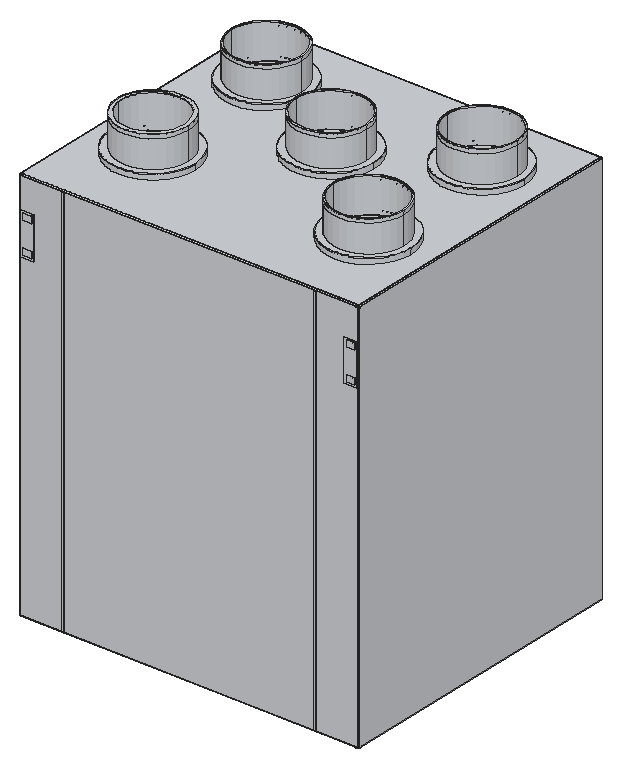
Revit family "Flexit Nordic S 3 R E 500 R 230", category Mechanical Equipment, Revit 2018
Family settings
  Round Connector Dimension = Use Radius
  Part Type = Normal
  Work Plane-Based = No
  Always vertical = Yes
  Cut with Voids When Loaded = No
  Shared = No
  Room Calculation Point = No
Parameters
  magiProductId = "Flexit Nordic S 3 R E 500 R 230"
  magiPartTypeId = 210
  magiFamilyGeom = MagiCAD_Flexit Nordic S 3 R E 500 R 230 : MagiCAD_Flexit Nordic S 3 R E 500 R 230
  Ytelse  SFP-sum vinter [instance] = "1.40 kJ/m³"
  Weight = 0.00 kg
  Vifte, tilluft  Vinter  Vifteinstilling [instance] = "71 %"
  Vifte, avtrekksluft  Vinter  Vifteinstilling [instance] = "71 %"
  VersionID = "1.0/2020.0"
  Varmegjenvinning  Vinter  Komponentvirkningsgrad, tilluft (EN308) [instance] = "78 %"
  Varmegjenvinning  Vinter  Aggregatvirkningsgrad, tilluft (EN13141-7) [instance] = "75 %"
  Uteluft [instance] = "125 mm"
  Tilluftskanal, vinter [instance] = "44 50 56 58 53 53 42 33 dB(A)"
  Tilluft  Trykkfall vinter [instance] = 80.0 Pa
  Tilluft  Luftmengde vinter [instance] = "0.075 m³/s"
  Tilluft [instance] = "125 mm"
  Supply 1 Sound power level [instance] = "70 66 65 61 53 52 41 34 dB"
  Supply 1 Pressure drop min [instance] = 72.0 Pa
  Supply 1 Pressure drop max [instance] = 88.0 Pa
  Supply 1 Pressure drop [instance] = 80.0 Pa
  Supply 1 Airflow operation point min [instance] = 71.25 L/s
  Supply 1 Airflow operation point max [instance] = 78.75 L/s
  Supply 1 Airflow min [instance] = 22.2 L/s
  Supply 1 Airflow max [instance] = 97.2 L/s
  Supply 1 Airflow [instance] = 75.0 L/s
  Resultater  Vekt [instance] = "55 kg"
  Productdata [instance] = "© MagiCAD Group, all rights reserved"
  Pressure rise, supply [instance] = 80.0 Pa
  Pressure rise, extract [instance] = 80.0 Pa
  Outdoor 1 Sound power level [instance] = "70 66 65 61 53 52 41 34 dB"
  Outdoor 1 Pressure drop min [instance] = 0.0 Pa
  Outdoor 1 Pressure drop max [instance] = 0.0 Pa
  Outdoor 1 Pressure drop [instance] = 0.0 Pa
  Outdoor 1 Airflow operation point min [instance] = 71.25 L/s
  Outdoor 1 Airflow operation point max [instance] = 78.75 L/s
  Outdoor 1 Airflow min [instance] = 22.2 L/s
  Outdoor 1 Airflow max [instance] = 97.2 L/s
  Outdoor 1 Airflow [instance] = 75.0 L/s
  Omgivelse, vinter [instance] = "25 33 37 34 29 31 27 27 dB(A)"
  Kjøkkenkanal [instance] = "125 mm"
  Generelt  Informasjon [instance] = ""
  Generelt  Beskrivelse / Plassering [instance] = ""
  Extract 9 Sound power level [instance] = "66 60 58 44 38 34 27 26 dB"
  Extract 9 Pressure drop min [instance] = 0.0 Pa
  Extract 9 Pressure drop max [instance] = 0.0 Pa
  Extract 9 Pressure drop [instance] = 0.0 Pa
  Extract 9 Airflow operation point min [instance] = 71.25 L/s
  Extract 9 Airflow operation point max [instance] = 78.75 L/s
  Extract 9 Airflow min [instance] = 22.2 L/s
  Extract 9 Airflow max [instance] = 97.2 L/s
  Extract 9 Airflow [instance] = 75.0 L/s
  Extract 1 Sound power level [instance] = "66 60 58 44 38 34 27 26 dB"
  Extract 1 Pressure drop min [instance] = 72.0 Pa
  Extract 1 Pressure drop max [instance] = 88.0 Pa
  Extract 1 Pressure drop [instance] = 80.0 Pa
  Extract 1 Airflow operation point min [instance] = 71.25 L/s
  Extract 1 Airflow operation point max [instance] = 78.75 L/s
  Extract 1 Airflow min [instance] = 22.2 L/s
  Extract 1 Airflow max [instance] = 97.2 L/s
  Extract 1 Airflow [instance] = 75.0 L/s
  Exhaust 1 Sound power level [instance] = "66 60 58 44 38 34 27 26 dB"
  Exhaust 1 Pressure drop min [instance] = 0.0 Pa
  Exhaust 1 Pressure drop max [instance] = 0.0 Pa
  Exhaust 1 Pressure drop [instance] = 0.0 Pa
  Exhaust 1 Airflow operation point min [instance] = 71.25 L/s
  Exhaust 1 Airflow operation point max [instance] = 78.75 L/s
  Exhaust 1 Airflow min [instance] = 22.2 L/s
  Exhaust 1 Airflow max [instance] = 97.2 L/s
  Exhaust 1 Airflow [instance] = 75.0 L/s
  Dimensjoner [instance] = "599.4x536.5x765 mm"
  Avtrekkskanal, vinter [instance] = "40 44 49 41 38 36 28 25 dB(A)"
  Avtrekk  Trykkfall vinter [instance] = 80.0 Pa
  Avtrekk  Luftmengde vinter [instance] = "0.075 m³/s"
  Avtrekk [instance] = "125 mm"
  Avkast [instance] = "125 mm"
Reference planes
  plane 1 "Center (Front/Back)": y = 0
  plane 2: z = 0
  plane 3 "Center (Left/Right)": x = 0
Forms (mm)
  Extrusion 1, solid, not visible
    sketch origin (109.7, 157.8, 765) x (1, 0, 0) y (0, 1, 0)
      loop
        line (15.24, 15.24) -> (-15.24, 15.24) -> (-15.24, -15.24) -> (15.24, -15.24) -> (15.24, 15.24)
    from 0 to -30.48
  Extrusion 2, solid, not visible
    sketch origin (489.7, 157.8, 765) x (1, 0, 0) y (0, 1, 0)
      loop
        line (15.24, 15.24) -> (-15.24, 15.24) -> (-15.24, -15.24) -> (15.24, -15.24) -> (15.24, 15.24)
    from 0 to -30.48
  Extrusion 3, solid, not visible
    sketch origin (109.7, 407.8, 765) x (1, 0, 0) y (0, 1, 0)
      loop
        line (15.24, 15.24) -> (-15.24, 15.24) -> (-15.24, -15.24) -> (15.24, -15.24) -> (15.24, 15.24)
    from 0 to -30.48
  Extrusion 4, solid, not visible
    sketch origin (299.7, 312.8, 765) x (1, 0, 0) y (0, 1, 0)
      loop
        line (15.24, 15.24) -> (-15.24, 15.24) -> (-15.24, -15.24) -> (15.24, -15.24) -> (15.24, 15.24)
    from 0 to -30.48
  Extrusion 5, solid, not visible
    sketch origin (489.7, 407.8, 765) x (1, 0, 0) y (0, 1, 0)
      loop
        line (15.24, 15.24) -> (-15.24, 15.24) -> (-15.24, -15.24) -> (15.24, -15.24) -> (15.24, 15.24)
    from 0 to -30.48
Text (mm)
  text "© MagiCAD Group, all rights reserved" at (-487.68, -1524, 0), in view "Ref. Level"
Nested families
  nested 1: "MagiCAD_Flexit Nordic S 3 R E 500 R 230" at (0, 0, 0), type <- "magiFamilyGeom", type "MagiCAD_Flexit Nordic S 3 R E 500 R 230"
Connectors
  hvac at (109.7, 157.8, 765)
    settings: on Extrusion 1, index 1, duct flow 0.0 L/s, flow factor 0, pres drop 0.0 Pa, loss coef 0, conn angle 0.00°, conn width 304.8 mm, conn height 304.8 mm, conn diameter 125 mm, duct sys type 1, conn prof type 0, flow config 0, flow direction 2, loss method 0, conn ref index -1, conn util no, is conn primary yes, conn desc "Supply 1"
  hvac at (489.7, 157.8, 765)
    settings: on Extrusion 2, index 2, duct flow 0.0 L/s, flow factor 0, pres drop 0.0 Pa, loss coef 0, conn angle 0.00°, conn width 304.8 mm, conn height 304.8 mm, conn diameter 125 mm, duct sys type 1, conn prof type 0, flow config 0, flow direction 1, loss method 0, conn ref index -1, conn util no, is conn primary no, conn desc "Outdoor 1"
  hvac at (109.7, 407.8, 765)
    settings: on Extrusion 3, index 3, duct flow 0.0 L/s, flow factor 0, pres drop 0.0 Pa, loss coef 0, conn angle 0.00°, conn width 304.8 mm, conn height 304.8 mm, conn diameter 125 mm, duct sys type 2, conn prof type 0, flow config 0, flow direction 1, loss method 0, conn ref index -1, conn util no, is conn primary no, conn desc "Extract 1"
  hvac at (299.7, 312.8, 765)
    settings: on Extrusion 4, index 4, duct flow 0.0 L/s, flow factor 0, pres drop 0.0 Pa, loss coef 0, conn angle 0.00°, conn width 304.8 mm, conn height 304.8 mm, conn diameter 125 mm, duct sys type 2, conn prof type 0, flow config 0, flow direction 1, loss method 0, conn ref index -1, conn util no, is conn primary no, conn desc "Extract 9"
  hvac at (489.7, 407.8, 765)
    settings: on Extrusion 5, index 5, duct flow 0.0 L/s, flow factor 0, pres drop 0.0 Pa, loss coef 0, conn angle 0.00°, conn width 304.8 mm, conn height 304.8 mm, conn diameter 125 mm, duct sys type 3, conn prof type 0, flow config 0, flow direction 2, loss method 0, conn ref index -1, conn util no, is conn primary no, conn desc "Exhaust 1"
Definition of nested family "MagiCAD_Flexit Nordic S 3 R E 500 R 230"
  Reference planes
    plane 1 "Center (Front/Back)": y = 0
    plane 2: z = 0
    plane 3 "Center (Left/Right)": x = 0
  Forms (mm)
    Extrusion 1, solid
      sketch origin (489.7, 407.8, 700) x (1, 0, 0) y (0, 1, 0)
        loop
          circle (0, 0) r 62.4
      from 0 to 2
    Extrusion 2, void
      sketch origin (489.7, 407.8, 700) x (1, 0, 0) y (0, 1, 0)
        loop
          circle (0, 0) r 62.2
      from 0.2 to 2
    Extrusion 3, solid
      sketch origin (489.7, 407.8, 700) x (1, 0, 0) y (0, 1, 0)
        loop
          circle (0, 0) r 62.5
      from 0 to 65
    Extrusion 4, void
      sketch origin (489.7, 407.8, 700) x (1, 0, 0) y (0, 1, 0)
        loop
          circle (0, 0) r 62.3
      from 0 to 65
    Extrusion 5, solid
      sketch origin (489.7, 407.8, 700) x (1, 0, 0) y (0, 1, 0)
        loop
          circle (0, 0) r 75
      from 0 to 10
    Extrusion 6, void
      sketch origin (489.7, 407.8, 700) x (1, 0, 0) y (0, 1, 0)
        loop
          circle (0, 0) r 74.8
      from 0 to 10
    Extrusion 7, solid
      sketch origin (489.7, 407.8, 758.5) x (1, 0, 0) y (0, 1, 0)
        loop
          circle (0, 0) r 62.55
      from 0 to 6.5
    Extrusion 8, void
      sketch origin (489.7, 407.8, 758.5) x (1, 0, 0) y (0, 1, 0)
        loop
          circle (0, 0) r 62.35
      from 0 to 6.5
    Extrusion 9, solid
      sketch origin (109.7, 407.8, 700) x (1, 0, 0) y (0, 1, 0)
        loop
          circle (0, 0) r 62.4
      from 0 to 2
    Extrusion 10, void
      sketch origin (109.7, 407.8, 700) x (1, 0, 0) y (0, 1, 0)
        loop
          circle (0, 0) r 62.2
      from 0.2 to 2
    Extrusion 11, solid
      sketch origin (109.7, 407.8, 700) x (1, 0, 0) y (0, 1, 0)
        loop
          circle (0, 0) r 62.5
      from 0 to 65
    Extrusion 12, void
      sketch origin (109.7, 407.8, 700) x (1, 0, 0) y (0, 1, 0)
        loop
          circle (0, 0) r 62.3
      from 0 to 65
    Extrusion 13, solid
      sketch origin (109.7, 407.8, 700) x (1, 0, 0) y (0, 1, 0)
        loop
          circle (0, 0) r 75
      from 0 to 10
    Extrusion 14, void
      sketch origin (109.7, 407.8, 700) x (1, 0, 0) y (0, 1, 0)
        loop
          circle (0, 0) r 74.8
      from 0 to 10
    Extrusion 15, solid
      sketch origin (109.7, 407.8, 758.5) x (1, 0, 0) y (0, 1, 0)
        loop
          circle (0, 0) r 62.55
      from 0 to 6.5
    Extrusion 16, void
      sketch origin (109.7, 407.8, 758.5) x (1, 0, 0) y (0, 1, 0)
        loop
          circle (0, 0) r 62.35
      from 0 to 6.5
    Extrusion 17, solid
      sketch origin (299.7, 312.8, 700) x (1, 0, 0) y (0, 1, 0)
        loop
          circle (0, 0) r 62.4
      from 0 to 2
    Extrusion 18, void
      sketch origin (299.7, 312.8, 700) x (1, 0, 0) y (0, 1, 0)
        loop
          circle (0, 0) r 62.2
      from 0.2 to 2
    Extrusion 19, solid
      sketch origin (299.7, 312.8, 700) x (1, 0, 0) y (0, 1, 0)
        loop
          circle (0, 0) r 62.5
      from 0 to 65
    Extrusion 20, void
      sketch origin (299.7, 312.8, 700) x (1, 0, 0) y (0, 1, 0)
        loop
          circle (0, 0) r 62.3
      from 0 to 65
    Extrusion 21, solid
      sketch origin (299.7, 312.8, 700) x (1, 0, 0) y (0, 1, 0)
        loop
          circle (0, 0) r 75
      from 0 to 10
    Extrusion 22, void
      sketch origin (299.7, 312.8, 700) x (1, 0, 0) y (0, 1, 0)
        loop
          circle (0, 0) r 74.8
      from 0 to 10
    Extrusion 23, solid
      sketch origin (299.7, 312.8, 758.5) x (1, 0, 0) y (0, 1, 0)
        loop
          circle (0, 0) r 62.55
      from 0 to 6.5
    Extrusion 24, void
      sketch origin (299.7, 312.8, 758.5) x (1, 0, 0) y (0, 1, 0)
        loop
          circle (0, 0) r 62.35
      from 0 to 6.5
    Extrusion 25, solid
      sketch origin (489.7, 157.8, 700) x (1, 0, 0) y (0, 1, 0)
        loop
          circle (0, 0) r 62.4
      from 0 to 2
    Extrusion 26, void
      sketch origin (489.7, 157.8, 700) x (1, 0, 0) y (0, 1, 0)
        loop
          circle (0, 0) r 62.2
      from 0.2 to 2
    Extrusion 27, solid
      sketch origin (489.7, 157.8, 700) x (1, 0, 0) y (0, 1, 0)
        loop
          circle (0, 0) r 62.5
      from 0 to 65
    Extrusion 28, void
      sketch origin (489.7, 157.8, 700) x (1, 0, 0) y (0, 1, 0)
        loop
          circle (0, 0) r 62.3
      from 0 to 65
    Extrusion 29, solid
      sketch origin (489.7, 157.8, 700) x (1, 0, 0) y (0, 1, 0)
        loop
          circle (0, 0) r 75
      from 0 to 10
    Extrusion 30, void
      sketch origin (489.7, 157.8, 700) x (1, 0, 0) y (0, 1, 0)
        loop
          circle (0, 0) r 74.8
      from 0 to 10
    Extrusion 31, solid
      sketch origin (489.7, 157.8, 758.5) x (1, 0, 0) y (0, 1, 0)
        loop
          circle (0, 0) r 62.55
      from 0 to 6.5
    Extrusion 32, void
      sketch origin (489.7, 157.8, 758.5) x (1, 0, 0) y (0, 1, 0)
        loop
          circle (0, 0) r 62.35
      from 0 to 6.5
    Extrusion 33, solid
      sketch origin (109.7, 157.8, 700) x (1, 0, 0) y (0, 1, 0)
        loop
          circle (0, 0) r 62.4
      from 0 to 2
    Extrusion 34, void
      sketch origin (109.7, 157.8, 700) x (1, 0, 0) y (0, 1, 0)
        loop
          circle (0, 0) r 62.2
      from 0.2 to 2
    Extrusion 35, solid
      sketch origin (109.7, 157.8, 700) x (1, 0, 0) y (0, 1, 0)
        loop
          circle (0, 0) r 62.5
      from 0 to 65
    Extrusion 36, void
      sketch origin (109.7, 157.8, 700) x (1, 0, 0) y (0, 1, 0)
        loop
          circle (0, 0) r 62.3
      from 0 to 65
    Extrusion 37, solid
      sketch origin (109.7, 157.8, 700) x (1, 0, 0) y (0, 1, 0)
        loop
          circle (0, 0) r 75
      from 0 to 10
    Extrusion 38, void
      sketch origin (109.7, 157.8, 700) x (1, 0, 0) y (0, 1, 0)
        loop
          circle (0, 0) r 74.8
      from 0 to 10
    Extrusion 39, solid
      sketch origin (109.7, 157.8, 758.5) x (1, 0, 0) y (0, 1, 0)
        loop
          circle (0, 0) r 62.55
      from 0 to 6.5
    Extrusion 40, void
      sketch origin (109.7, 157.8, 758.5) x (1, 0, 0) y (0, 1, 0)
        loop
          circle (0, 0) r 62.35
      from 0 to 6.5
    Extrusion 41, solid
      sketch origin (489.7, 407.8, 710) x (1, 0, 0) y (0, 1, 0)
        loop
          circle (0, 0) r 62.55
        loop
          circle (0, 0) r 75
      from -0.1 to 0.1
    Extrusion 42, solid
      sketch origin (489.7, 407.8, 702) x (1, 0, 0) y (0, 1, 0)
        loop
          circle (0, 0) r 62.4
      from -0.1 to 0.1
    Extrusion 43, solid
      sketch origin (489.7, 407.8, 765) x (1, 0, 0) y (0, 1, 0)
        loop
          circle (0, 0) r 60.5
        loop
          circle (0, 0) r 62.5
      from -0.1 to 0.1
    Extrusion 44, solid
      sketch origin (109.7, 407.8, 710) x (1, 0, 0) y (0, 1, 0)
        loop
          circle (0, 0) r 62.55
        loop
          circle (0, 0) r 75
      from -0.1 to 0.1
    Extrusion 45, solid
      sketch origin (109.7, 407.8, 702) x (1, 0, 0) y (0, 1, 0)
        loop
          circle (0, 0) r 62.4
      from -0.1 to 0.1
    Extrusion 46, solid
      sketch origin (109.7, 407.8, 765) x (1, 0, 0) y (0, 1, 0)
        loop
          circle (0, 0) r 60.5
        loop
          circle (0, 0) r 62.5
      from -0.1 to 0.1
    Extrusion 47, solid
      sketch origin (299.7, 312.8, 710) x (1, 0, 0) y (0, 1, 0)
        loop
          circle (0, 0) r 62.55
        loop
          circle (0, 0) r 75
      from -0.1 to 0.1
    Extrusion 48, solid
      sketch origin (299.7, 312.8, 702) x (1, 0, 0) y (0, 1, 0)
        loop
          circle (0, 0) r 62.4
      from -0.1 to 0.1
    Extrusion 49, solid
      sketch origin (299.7, 312.8, 765) x (1, 0, 0) y (0, 1, 0)
        loop
          circle (0, 0) r 60.5
        loop
          circle (0, 0) r 62.5
      from -0.1 to 0.1
    Extrusion 50, solid
      sketch origin (489.7, 157.8, 710) x (1, 0, 0) y (0, 1, 0)
        loop
          circle (0, 0) r 62.55
        loop
          circle (0, 0) r 75
      from -0.1 to 0.1
    Extrusion 51, solid
      sketch origin (489.7, 157.8, 702) x (1, 0, 0) y (0, 1, 0)
        loop
          circle (0, 0) r 62.4
      from -0.1 to 0.1
    Extrusion 52, solid
      sketch origin (489.7, 157.8, 765) x (1, 0, 0) y (0, 1, 0)
        loop
          circle (0, 0) r 60.5
        loop
          circle (0, 0) r 62.5
      from -0.1 to 0.1
    Extrusion 53, solid
      sketch origin (109.7, 157.8, 710) x (1, 0, 0) y (0, 1, 0)
        loop
          circle (0, 0) r 62.55
        loop
          circle (0, 0) r 75
      from -0.1 to 0.1
    Extrusion 54, solid
      sketch origin (109.7, 157.8, 702) x (1, 0, 0) y (0, 1, 0)
        loop
          circle (0, 0) r 62.4
      from -0.1 to 0.1
    Extrusion 55, solid
      sketch origin (109.7, 157.8, 765) x (1, 0, 0) y (0, 1, 0)
        loop
          circle (0, 0) r 56
        loop
          circle (0, 0) r 62.5
      from -0.1 to 0.1
    Extrusion 56, solid
      sketch origin (2, 534.5, 698) x (1, 0, 0) y (0, 1, 0)
        loop
          line (595.4, 0) -> (595.4, 2) -> (0, 2) -> (0, 0) -> (595.4, 0)
      from -0.1 to 0.1
    Extrusion 57, solid
      sketch origin (2, 534.5, 700) x (0, 0, 1) y (1, 0, 0)
        loop
          line (0, 595.4) -> (-2, 595.4) -> (-2, 0) -> (0, 0) -> (0, 595.4)
      from -0.1 to 0.1
    Extrusion 58, solid
      sketch origin (2, 536.5, 698) x (1, 0, 0) y (0, -0.707107, 0.707107)
        loop
          line (595.4, 0) -> (595.4, 2.828) -> (0, 2.828) -> (0, 0) -> (595.4, 0)
      from -0.1 to 0.1
    Extrusion 59, solid
      sketch origin (597.4, 534.5, 698) x (0, 1, 0) y (0, 0, 1)
        loop
          line (2, 0) -> (0, 2) -> (0, 0) -> (2, 0)
      from -0.1 to 0.1
    Extrusion 60, solid
      sketch origin (2, 534.5, 698) x (0, 1, 0) y (0, 0, 1)
        loop
          line (2, 0) -> (0, 2) -> (0, 0) -> (2, 0)
      from -0.1 to 0.1
    Extrusion 61, solid
      sketch origin (2, 534.5, 2) x (0, 0, 1) y (1, 0, 0)
        loop
          line (0, 595.4) -> (-2, 595.4) -> (-2, 0) -> (0, 0) -> (0, 595.4)
      from -0.1 to 0.1
    Extrusion 62, solid
      sketch origin (2, 536.5, 2) x (0, 1, 0) y (1, 0, 0)
        loop
          line (0, 595.4) -> (-2, 595.4) -> (-2, 0) -> (0, 0) -> (0, 595.4)
      from -0.1 to 0.1
    Extrusion 63, solid
      sketch origin (2, 534.5, 0) x (1, 0, 0) y (0, 0.707107, 0.707107)
        loop
          line (595.4, 0) -> (595.4, 2.828) -> (0, 2.828) -> (0, 0) -> (595.4, 0)
      from -0.1 to 0.1
    Extrusion 64, solid
      sketch origin (597.4, 534.5, 2) x (0, 1, 0) y (0, 0, 1)
        loop
          line (0, -2) -> (2, 0) -> (0, 0) -> (0, -2)
      from -0.1 to 0.1
    Extrusion 65, solid
      sketch origin (2, 534.5, 2) x (0, 1, 0) y (0, 0, 1)
        loop
          line (0, -2) -> (2, 0) -> (0, 0) -> (0, -2)
      from -0.1 to 0.1
    Extrusion 66, solid
      sketch origin (597.4, 534.5, 698) x (0, 1, 0) y (0, 0, 1)
        loop
          line (0, -696) -> (2, -696) -> (2, 0) -> (0, 0) -> (0, -696)
      from -0.1 to 0.1
    Extrusion 67, solid
      sketch origin (599.4, 534.5, 698) x (0, 0, 1) y (1, 0, 0)
        loop
          line (-696, 0) -> (-696, -2) -> (0, -2) -> (0, 0) -> (-696, 0)
      from -0.1 to 0.1
    Extrusion 68, solid
      sketch origin (597.4, 536.5, 698) x (0.707107, -0.707107, 0) y (0, 0, 1)
        loop
          line (0, -696) -> (2.828, -696) -> (2.828, 0) -> (0, 0) -> (0, -696)
      from -0.1 to 0.1
    Extrusion 69, solid
      sketch origin (597.4, 534.5, 2) x (0, 1, 0) y (1, 0, 0)
        loop
          line (2, 0) -> (0, 2) -> (0, 0) -> (2, 0)
      from -0.1 to 0.1
    Extrusion 70, solid
      sketch origin (597.4, 534.5, 698) x (0, 1, 0) y (1, 0, 0)
        loop
          line (2, 0) -> (0, 2) -> (0, 0) -> (2, 0)
      from -0.1 to 0.1
    Extrusion 71, solid
      sketch origin (2, 534.5, 698) x (0, 1, 0) y (0, 0, 1)
        loop
          line (0, -696) -> (2, -696) -> (2, 0) -> (0, 0) -> (0, -696)
      from -0.1 to 0.1
    Extrusion 72, solid
      sketch origin (0, 534.5, 698) x (0, 0, -1) y (1, 0, 0)
        loop
          line (696, 0) -> (696, 2) -> (0, 2) -> (0, 0) -> (696, 0)
      from -0.1 to 0.1
    Extrusion 73, solid
      sketch origin (2, 536.5, 698) x (0.707107, 0.707107, 0) y (0, 0, -1)
        loop
          line (0, 696) -> (-2.828, 696) -> (-2.828, 0) -> (0, 0) -> (0, 696)
      from -0.1 to 0.1
    Extrusion 74, solid
      sketch origin (2, 534.5, 2) x (1, 0, 0) y (0, 1, 0)
        loop
          line (0, 2) -> (-2, 0) -> (0, 0) -> (0, 2)
      from -0.1 to 0.1
    Extrusion 75, solid
      sketch origin (2, 534.5, 698) x (1, 0, 0) y (0, 1, 0)
        loop
          line (0, 2) -> (-2, 0) -> (0, 0) -> (0, 2)
      from -0.1 to 0.1
    Extrusion 76, solid
      sketch origin (597.4, 2, 698) x (0, 0, -1) y (1, 0, 0)
        loop
          line (696, 0) -> (696, 2) -> (0, 2) -> (0, 0) -> (696, 0)
      from -0.1 to 0.1
    Extrusion 77, solid
      sketch origin (597.4, 0, 698) x (0, 1, 0) y (0, 0, 1)
        loop
          line (0, -696) -> (2, -696) -> (2, 0) -> (0, 0) -> (0, -696)
      from -0.1 to 0.1
    Extrusion 78, solid
      sketch origin (599.4, 2, 698) x (0.707107, 0.707107, 0) y (0, 0, -1)
        loop
          line (0, 696) -> (-2.828, 696) -> (-2.828, 0) -> (0, 0) -> (0, 696)
      from -0.1 to 0.1
    Extrusion 79, solid
      sketch origin (597.4, 2, 2) x (0, 1, 0) y (1, 0, 0)
        loop
          line (0, 2) -> (-2, 0) -> (0, 0) -> (0, 2)
      from -0.1 to 0.1
    Extrusion 80, solid
      sketch origin (597.4, 2, 698) x (0, 1, 0) y (1, 0, 0)
        loop
          line (0, 2) -> (-2, 0) -> (0, 0) -> (0, 2)
      from -0.1 to 0.1
    Extrusion 81, solid
      sketch origin (2, 2, 698) x (0, 0, 1) y (1, 0, 0)
        loop
          line (-696, 0) -> (-696, -2) -> (0, -2) -> (0, 0) -> (-696, 0)
      from -0.1 to 0.1
    Extrusion 82, solid
      sketch origin (2, 0, 698) x (0, 1, 0) y (0, 0, 1)
        loop
          line (0, -696) -> (2, -696) -> (2, 0) -> (0, 0) -> (0, -696)
      from -0.1 to 0.1
    Extrusion 83, solid
      sketch origin (0, 2, 698) x (0.707107, -0.707107, 0) y (0, 0, 1)
        loop
          line (0, -696) -> (2.828, -696) -> (2.828, 0) -> (0, 0) -> (0, -696)
      from -0.1 to 0.1
    Extrusion 84, solid
      sketch origin (2, 2, 2) x (1, 0, 0) y (0, 1, 0)
        loop
          line (-2, 0) -> (0, -2) -> (0, 0) -> (-2, 0)
      from -0.1 to 0.1
    Extrusion 85, solid
      sketch origin (2, 2, 698) x (1, 0, 0) y (0, 1, 0)
        loop
          line (-2, 0) -> (0, -2) -> (0, 0) -> (-2, 0)
      from -0.1 to 0.1
    Extrusion 86, solid
      sketch origin (2, 2, 698) x (0, 0, -1) y (1, 0, 0)
        loop
          line (0, 595.4) -> (-2, 595.4) -> (-2, 0) -> (0, 0) -> (0, 595.4)
      from -0.1 to 0.1
    Extrusion 87, solid
      sketch origin (2, 0, 698) x (1, 0, 0) y (0, 1, 0)
        loop
          line (595.4, 0) -> (595.4, 2) -> (0, 2) -> (0, 0) -> (595.4, 0)
      from -0.1 to 0.1
    Extrusion 88, solid
      sketch origin (2, 2, 700) x (1, 0, 0) y (0, -0.707107, -0.707107)
        loop
          line (595.4, 0) -> (595.4, 2.828) -> (0, 2.828) -> (0, 0) -> (595.4, 0)
      from -0.1 to 0.1
    Extrusion 89, solid
      sketch origin (597.4, 2, 698) x (0, 1, 0) y (0, 0, 1)
        loop
          line (0, 2) -> (-2, 0) -> (0, 0) -> (0, 2)
      from -0.1 to 0.1
    Extrusion 90, solid
      sketch origin (2, 2, 698) x (0, 1, 0) y (0, 0, 1)
        loop
          line (0, 2) -> (-2, 0) -> (0, 0) -> (0, 2)
      from -0.1 to 0.1
    Extrusion 91, solid
      sketch origin (2, 2, 2) x (0, 1, 0) y (1, 0, 0)
        loop
          line (0, 595.4) -> (-2, 595.4) -> (-2, 0) -> (0, 0) -> (0, 595.4)
      from -0.1 to 0.1
    Extrusion 92, solid
      sketch origin (2, 2, 0) x (0, 0, -1) y (1, 0, 0)
        loop
          line (0, 595.4) -> (-2, 595.4) -> (-2, 0) -> (0, 0) -> (0, 595.4)
      from -0.1 to 0.1
    Extrusion 93, solid
      sketch origin (2, 0, 2) x (1, 0, 0) y (0, 0.707107, -0.707107)
        loop
          line (595.4, 0) -> (595.4, 2.828) -> (0, 2.828) -> (0, 0) -> (595.4, 0)
      from -0.1 to 0.1
    Extrusion 94, solid
      sketch origin (597.4, 2, 2) x (0, 1, 0) y (0, 0, 1)
        loop
          line (-2, 0) -> (0, -2) -> (0, 0) -> (-2, 0)
      from -0.1 to 0.1
    Extrusion 95, solid
      sketch origin (2, 2, 2) x (0, 1, 0) y (0, 0, 1)
        loop
          line (-2, 0) -> (0, -2) -> (0, 0) -> (-2, 0)
      from -0.1 to 0.1
    Extrusion 96, solid
      sketch origin (597.4, 2, 698) x (0, 1, 0) y (0, 0, 1)
        loop
          line (532.5, 0) -> (532.5, 2) -> (0, 2) -> (0, 0) -> (532.5, 0)
      from -0.1 to 0.1
    Extrusion 97, solid
      sketch origin (599.4, 2, 698) x (1, 0, 0) y (0, 1, 0)
        loop
          line (0, 532.5) -> (-2, 532.5) -> (-2, 0) -> (0, 0) -> (0, 532.5)
      from -0.1 to 0.1
    Extrusion 98, solid
      sketch origin (597.4, 2, 700) x (0.707107, 0, -0.707107) y (0, -1, 0)
        loop
          line (0, -532.5) -> (2.828, -532.5) -> (2.828, 0) -> (0, 0) -> (0, -532.5)
      from -0.1 to 0.1
    Extrusion 99, solid
      sketch origin (597.4, 534.5, 698) x (0, 0, 1) y (1, 0, 0)
        loop
          line (2, 0) -> (0, 2) -> (0, 0) -> (2, 0)
      from -0.1 to 0.1
    Extrusion 100, solid
      sketch origin (597.4, 2, 698) x (0, 0, 1) y (1, 0, 0)
        loop
          line (2, 0) -> (0, 2) -> (0, 0) -> (2, 0)
      from -0.1 to 0.1
    Extrusion 101, solid
      sketch origin (597.4, 2, 2) x (0, 1, 0) y (1, 0, 0)
        loop
          line (532.5, 0) -> (532.5, 2) -> (0, 2) -> (0, 0) -> (532.5, 0)
      from -0.1 to 0.1
    Extrusion 102, solid
      sketch origin (597.4, 2, 0) x (0, 1, 0) y (0, 0, 1)
        loop
          line (532.5, 0) -> (532.5, 2) -> (0, 2) -> (0, 0) -> (532.5, 0)
      from -0.1 to 0.1
    Extrusion 103, solid
      sketch origin (599.4, 2, 2) x (0.707107, 0, 0.707107) y (0, 1, 0)
        loop
          line (0, 532.5) -> (-2.828, 532.5) -> (-2.828, 0) -> (0, 0) -> (0, 532.5)
      from -0.1 to 0.1
    Extrusion 104, solid
      sketch origin (597.4, 534.5, 2) x (0, 0, 1) y (1, 0, 0)
        loop
          line (0, 2) -> (-2, 0) -> (0, 0) -> (0, 2)
      from -0.1 to 0.1
    Extrusion 105, solid
      sketch origin (597.4, 2, 2) x (0, 0, 1) y (1, 0, 0)
        loop
          line (0, 2) -> (-2, 0) -> (0, 0) -> (0, 2)
      from -0.1 to 0.1
    Extrusion 106, solid
      sketch origin (2, 2, 698) x (0, 1, 0) y (0, 0, 1)
        loop
          line (532.5, 0) -> (532.5, 2) -> (0, 2) -> (0, 0) -> (532.5, 0)
      from -0.1 to 0.1
    Extrusion 107, solid
      sketch origin (0, 2, 698) x (0, 1, 0) y (1, 0, 0)
        loop
          line (532.5, 0) -> (532.5, 2) -> (0, 2) -> (0, 0) -> (532.5, 0)
      from -0.1 to 0.1
    Extrusion 108, solid
      sketch origin (2, 2, 700) x (0.707107, 0, 0.707107) y (0, 1, 0)
        loop
          line (0, 532.5) -> (-2.828, 532.5) -> (-2.828, 0) -> (0, 0) -> (0, 532.5)
      from -0.1 to 0.1
    Extrusion 109, solid
      sketch origin (2, 534.5, 698) x (0, 0, -1) y (1, 0, 0)
        loop
          line (-2, 0) -> (0, -2) -> (0, 0) -> (-2, 0)
      from -0.1 to 0.1
    Extrusion 110, solid
      sketch origin (2, 2, 698) x (0, 0, -1) y (1, 0, 0)
        loop
          line (-2, 0) -> (0, -2) -> (0, 0) -> (-2, 0)
      from -0.1 to 0.1
    Extrusion 111, solid
      sketch origin (2, 2, 2) x (1, 0, 0) y (0, 1, 0)
        loop
          line (0, 532.5) -> (-2, 532.5) -> (-2, 0) -> (0, 0) -> (0, 532.5)
      from -0.1 to 0.1
    Extrusion 112, solid
      sketch origin (2, 2, 0) x (0, 1, 0) y (0, 0, 1)
        loop
          line (532.5, 0) -> (532.5, 2) -> (0, 2) -> (0, 0) -> (532.5, 0)
      from -0.1 to 0.1
    Extrusion 113, solid
      sketch origin (0, 2, 2) x (0.707107, 0, -0.707107) y (0, -1, 0)
        loop
          line (0, -532.5) -> (2.828, -532.5) -> (2.828, 0) -> (0, 0) -> (0, -532.5)
      from -0.1 to 0.1
    Extrusion 114, solid
      sketch origin (2, 534.5, 2) x (0, 0, -1) y (1, 0, 0)
        loop
          line (0, -2) -> (2, 0) -> (0, 0) -> (0, -2)
      from -0.1 to 0.1
    Extrusion 115, solid
      sketch origin (2, 2, 2) x (0, 0, -1) y (1, 0, 0)
        loop
          line (0, -2) -> (2, 0) -> (0, 0) -> (0, -2)
      from -0.1 to 0.1
    Extrusion 116, solid
      sketch origin (2, 2, 698) x (0, -1, 0) y (0, 0, 1)
        loop
          line (0, 2) -> (-532.5, 2) -> (-532.5, 0) -> (0, 0) -> (0, 2)
      from -0.1 to 0.1
    Extrusion 117, solid
      sketch origin (597.4, 2, 698) x (0, 0, -1) y (1, 0, 0)
        loop
          line (-2, 0) -> (-2, -595.4) -> (0, -595.4) -> (0, 0) -> (-2, 0)
      from -0.1 to 0.1
    Extrusion 118, solid
      sketch origin (597.4, 534.5, 698) x (0, 1, 0) y (0, 0, 1)
        loop
          line (0, 2) -> (-532.5, 2) -> (-532.5, 0) -> (0, 0) -> (0, 2)
      from -0.1 to 0.1
    Extrusion 119, solid
      sketch origin (2, 534.5, 698) x (0, 0, 1) y (1, 0, 0)
        loop
          line (2, 0) -> (2, 595.4) -> (0, 595.4) -> (0, 0) -> (2, 0)
      from -0.1 to 0.1
    Extrusion 120, solid
      sketch origin (597.4, 2, 700) x (1, 0, 0) y (0, 1, 0)
        loop
          line (0, 532.5) -> (-595.4, 532.5) -> (-595.4, 0) -> (0, 0) -> (0, 532.5)
      from -0.1 to 0.1
    Extrusion 121, solid
      sketch origin (597.4, 2, 698) x (1, 0, 0) y (0, 1, 0)
        loop
          line (0, 532.5) -> (-595.4, 532.5) -> (-595.4, 0) -> (0, 0) -> (0, 532.5)
      from -0.1 to 0.1
    Extrusion 122, solid
      sketch origin (2, 2, 2) x (0, 0, 1) y (1, 0, 0)
        loop
          line (0, -2) -> (696, -2) -> (696, 0) -> (0, 0) -> (0, -2)
      from -0.1 to 0.1
    Extrusion 123, solid
      sketch origin (2, 534.5, 2) x (1, 0, 0) y (0, 1, 0)
        loop
          line (-2, 0) -> (-2, -532.5) -> (0, -532.5) -> (0, 0) -> (-2, 0)
      from -0.1 to 0.1
    Extrusion 124, solid
      sketch origin (2, 534.5, 698) x (0, 0, -1) y (1, 0, 0)
        loop
          line (0, -2) -> (696, -2) -> (696, 0) -> (0, 0) -> (0, -2)
      from -0.1 to 0.1
    Extrusion 125, solid
      sketch origin (2, 2, 698) x (0, 1, 0) y (1, 0, 0)
        loop
          line (0, -2) -> (532.5, -2) -> (532.5, 0) -> (0, 0) -> (0, -2)
      from -0.1 to 0.1
    Extrusion 126, solid
      sketch origin (0, 2, 2) x (0, -1, 0) y (0, 0, 1)
        loop
          line (0, 696) -> (-532.5, 696) -> (-532.5, 0) -> (0, 0) -> (0, 696)
      from -0.1 to 0.1
    Extrusion 127, solid
      sketch origin (2, 2, 2) x (0, -1, 0) y (0, 0, 1)
        loop
          line (0, 696) -> (-532.5, 696) -> (-532.5, 0) -> (0, 0) -> (0, 696)
      from -0.1 to 0.1
    Extrusion 128, solid
      sketch origin (2, 534.5, 2) x (0, 1, 0) y (0, 0, 1)
        loop
          line (2, 0) -> (2, 696) -> (0, 696) -> (0, 0) -> (2, 0)
      from -0.1 to 0.1
    Extrusion 129, solid
      sketch origin (597.4, 534.5, 2) x (1, 0, 0) y (0, 1, 0)
        loop
          line (0, 2) -> (-595.4, 2) -> (-595.4, 0) -> (0, 0) -> (0, 2)
      from -0.1 to 0.1
    Extrusion 130, solid
      sketch origin (597.4, 534.5, 698) x (0, -1, 0) y (0, 0, 1)
        loop
          line (-2, 0) -> (-2, -696) -> (0, -696) -> (0, 0) -> (-2, 0)
      from -0.1 to 0.1
    Extrusion 131, solid
      sketch origin (2, 534.5, 698) x (0, 1, 0) y (1, 0, 0)
        loop
          line (2, 0) -> (2, 595.4) -> (0, 595.4) -> (0, 0) -> (2, 0)
      from -0.1 to 0.1
    Extrusion 132, solid
      sketch origin (2, 536.5, 2) x (0, 0, 1) y (1, 0, 0)
        loop
          line (696, 0) -> (696, 595.4) -> (0, 595.4) -> (0, 0) -> (696, 0)
      from -0.1 to 0.1
    Extrusion 133, solid
      sketch origin (2, 534.5, 2) x (0, 0, 1) y (1, 0, 0)
        loop
          line (696, 0) -> (696, 595.4) -> (0, 595.4) -> (0, 0) -> (696, 0)
      from -0.1 to 0.1
    Extrusion 134, solid
      sketch origin (597.4, 534.5, 2) x (0, 0, -1) y (1, 0, 0)
        loop
          line (0, 2) -> (-696, 2) -> (-696, 0) -> (0, 0) -> (0, 2)
      from -0.1 to 0.1
    Extrusion 135, solid
      sketch origin (597.4, 2, 2) x (1, 0, 0) y (0, 1, 0)
        loop
          line (2, 0) -> (2, 532.5) -> (0, 532.5) -> (0, 0) -> (2, 0)
      from -0.1 to 0.1
    Extrusion 136, solid
      sketch origin (597.4, 2, 698) x (0, 0, 1) y (1, 0, 0)
        loop
          line (0, 2) -> (-696, 2) -> (-696, 0) -> (0, 0) -> (0, 2)
      from -0.1 to 0.1
    Extrusion 137, solid
      sketch origin (597.4, 534.5, 698) x (0, 1, 0) y (1, 0, 0)
        loop
          line (0, 2) -> (-532.5, 2) -> (-532.5, 0) -> (0, 0) -> (0, 2)
      from -0.1 to 0.1
    Extrusion 138, solid
      sketch origin (599.4, 534.5, 2) x (0, 1, 0) y (0, 0, 1)
        loop
          line (0, 696) -> (-532.5, 696) -> (-532.5, 0) -> (0, 0) -> (0, 696)
      from -0.1 to 0.1
    Extrusion 139, solid
      sketch origin (597.4, 534.5, 2) x (0, 1, 0) y (0, 0, 1)
        loop
          line (0, 696) -> (-532.5, 696) -> (-532.5, 0) -> (0, 0) -> (0, 696)
      from -0.1 to 0.1
    Extrusion 140, solid
      sketch origin (2, 2, 2) x (0, 1, 0) y (0, 0, 1)
        loop
          line (0, -2) -> (532.5, -2) -> (532.5, 0) -> (0, 0) -> (0, -2)
      from -0.1 to 0.1
    Extrusion 141, solid
      sketch origin (597.4, 2, 2) x (0, 0, 1) y (1, 0, 0)
        loop
          line (-2, 0) -> (-2, -595.4) -> (0, -595.4) -> (0, 0) -> (-2, 0)
      from -0.1 to 0.1
    Extrusion 142, solid
      sketch origin (597.4, 534.5, 2) x (0, -1, 0) y (0, 0, 1)
        loop
          line (0, -2) -> (532.5, -2) -> (532.5, 0) -> (0, 0) -> (0, -2)
      from -0.1 to 0.1
    Extrusion 143, solid
      sketch origin (2, 534.5, 2) x (0, 0, -1) y (1, 0, 0)
        loop
          line (2, 0) -> (2, 595.4) -> (0, 595.4) -> (0, 0) -> (2, 0)
      from -0.1 to 0.1
    Extrusion 144, solid
      sketch origin (2, 2, 0) x (0, 1, 0) y (1, 0, 0)
        loop
          line (532.5, 0) -> (532.5, 595.4) -> (0, 595.4) -> (0, 0) -> (532.5, 0)
      from -0.1 to 0.1
    Extrusion 145, solid
      sketch origin (2, 2, 2) x (0, 1, 0) y (1, 0, 0)
        loop
          line (532.5, 0) -> (532.5, 595.4) -> (0, 595.4) -> (0, 0) -> (532.5, 0)
      from -0.1 to 0.1
    Extrusion 146, solid
      sketch origin (597.4, 536.5, 698) x (0.816497, -0.408248, -0.408248) y (0, -0.707107, 0.707107)
        loop
          line (2.449, 1.414) -> (0, 2.828) -> (0, 0) -> (2.449, 1.414)
      from -0.1 to 0.1
    Extrusion 147, solid
      sketch origin (597.4, 2, 0) x (0.816497, 0.408248, 0.408248) y (0, 0.707107, -0.707107)
        loop
          line (0, -2.828) -> (2.449, -1.414) -> (0, 0) -> (0, -2.828)
      from -0.1 to 0.1
    Extrusion 148, solid
      sketch origin (599.4, 2, 698) x (0.816497, 0.408248, -0.408248) y (0, 0.707107, 0.707107)
        loop
          line (-2.449, 1.414) -> (-2.449, -1.414) -> (0, 0) -> (-2.449, 1.414)
      from -0.1 to 0.1
    Extrusion 149, solid
      sketch origin (2, 536.5, 698) x (0.816497, 0.408248, 0.408248) y (0, 0.707107, -0.707107)
        loop
          line (-2.449, -1.414) -> (0, -2.828) -> (0, 0) -> (-2.449, -1.414)
      from -0.1 to 0.1
    Extrusion 150, solid
      sketch origin (0, 534.5, 2) x (0.816497, 0.408248, -0.408248) y (0, -0.707107, -0.707107)
        loop
          line (2.449, -1.414) -> (2.449, 1.414) -> (0, 0) -> (2.449, -1.414)
      from -0.1 to 0.1
    Extrusion 151, solid
      sketch origin (0, 2, 698) x (0.816497, -0.408248, 0.408248) y (0, 0.707107, 0.707107)
        loop
          line (2.449, -1.414) -> (2.449, 1.414) -> (0, 0) -> (2.449, -1.414)
      from -0.1 to 0.1
    Extrusion 152, solid
      sketch origin (597.4, 0, 698) x (0, 0, -1) y (1, 0, 0)
        loop
          line (0, -595.4) -> (696, -595.4) -> (696, 0) -> (0, 0) -> (0, -595.4)
      from -0.1 to 0.1
    Extrusion 153, solid
      sketch origin (597.4, 534.5, 0) x (0.816497, -0.408248, 0.408248) y (0, 0.707107, 0.707107)
        loop
          line (2.449, 1.414) -> (0, 2.828) -> (0, 0) -> (2.449, 1.414)
      from -0.1 to 0.1
    Extrusion 154, solid
      sketch origin (2, 2, 0) x (0.816497, -0.408248, -0.408248) y (0, 0.707107, -0.707107)
        loop
          line (-2.449, -1.414) -> (0, -2.828) -> (0, 0) -> (-2.449, -1.414)
      from -0.1 to 0.1
    Extrusion 155, solid
      sketch origin (519.68, -0.1, 698) x (0, 0, 1) y (1, 0, 0)
        loop
          line (0, 4) -> (-696, 4) -> (-696, 0) -> (0, 0) -> (0, 4)
      from -0.1 to 0.1
    Extrusion 156, solid
      sketch origin (79.72, -0.1, 698) x (0, 0, -1) y (1, 0, 0)
        loop
          line (0, -4) -> (696, -4) -> (696, 0) -> (0, 0) -> (0, -4)
      from -0.1 to 0.1
    Extrusion 157, solid
      sketch origin (573.441, -0.1, 642.71) x (0, 0, 1) y (1, 0, 0)
        loop
          line (0, 22.116) -> (-73.72, 22.116) -> (-73.72, 0) -> (0, 0) -> (0, 22.116)
      from -0.1 to 0.1
    Extrusion 158, solid
      sketch origin (25.959, -0.1, 642.71) x (0, 0, -1) y (1, 0, 0)
        loop
          line (0, -22.116) -> (73.72, -22.116) -> (73.72, 0) -> (0, 0) -> (0, -22.116)
      from -0.1 to 0.1
    Extrusion 159, solid
      sketch origin (577.127, -0.2, 583.734) x (0, 0, 1) y (1, 0, 0)
        loop
          line (0, 14.744) -> (-11.058, 14.744) -> (-11.058, 0) -> (0, 0) -> (0, 14.744)
      from -0.1 to 0.1
    Extrusion 160, solid
      sketch origin (577.127, -0.2, 627.966) x (0, 0, -1) y (1, 0, 0)
        loop
          line (0, 14.744) -> (-11.058, 14.744) -> (-11.058, 0) -> (0, 0) -> (0, 14.744)
      from -0.1 to 0.1
    Extrusion 161, solid
      sketch origin (22.273, -0.2, 583.734) x (0, 0, -1) y (1, 0, 0)
        loop
          line (0, -14.744) -> (11.058, -14.744) -> (11.058, 0) -> (0, 0) -> (0, -14.744)
      from -0.1 to 0.1
    Extrusion 162, solid
      sketch origin (22.273, -0.2, 627.966) x (0, 0, 1) y (1, 0, 0)
        loop
          line (0, -14.744) -> (11.058, -14.744) -> (11.058, 0) -> (0, 0) -> (0, -14.744)
      from -0.1 to 0.1
  Cuts and joins
    Extrusion 2 cuts Extrusion 1
    Extrusion 4 cuts Extrusion 3
    Extrusion 6 cuts Extrusion 5
    Extrusion 8 cuts Extrusion 7
    Extrusion 10 cuts Extrusion 9
    Extrusion 12 cuts Extrusion 11
    Extrusion 14 cuts Extrusion 13
    Extrusion 16 cuts Extrusion 15
    Extrusion 18 cuts Extrusion 17
    Extrusion 20 cuts Extrusion 19
    Extrusion 22 cuts Extrusion 21
    Extrusion 24 cuts Extrusion 23
    Extrusion 26 cuts Extrusion 25
    Extrusion 28 cuts Extrusion 27
    Extrusion 30 cuts Extrusion 29
    Extrusion 32 cuts Extrusion 31
    Extrusion 34 cuts Extrusion 33
    Extrusion 36 cuts Extrusion 35
    Extrusion 38 cuts Extrusion 37
    Extrusion 40 cuts Extrusion 39
  Lines and regions (mm)
    model lines
      curve 1: line (597.4, 23.46, 700.05) -> (599.45, 23.46, 698)
      curve 2: line (2, 23.46, 700.05) -> (-0.05, 23.46, 698)
      curve 3: line (2, 23.46, 700.1) -> (597.4, 23.46, 700.05)
      curve 4: line (2, 23.46, -0.1) -> (597.4, 23.46, -0.05)
      curve 5: line (599.45, 23.46, 698) -> (599.5, 23.46, 2)
      curve 6: line (-0.05, 23.46, 698) -> (-0.1, 23.46, 2)
      curve 7: line (597.4, 23.46, 0) -> (599.5, 23.46, 2)
      curve 8: line (2.1, 23.46, 0) -> (0, 23.46, 2)
  Dimensions and locks
    aligned and locked: level to plane 2
